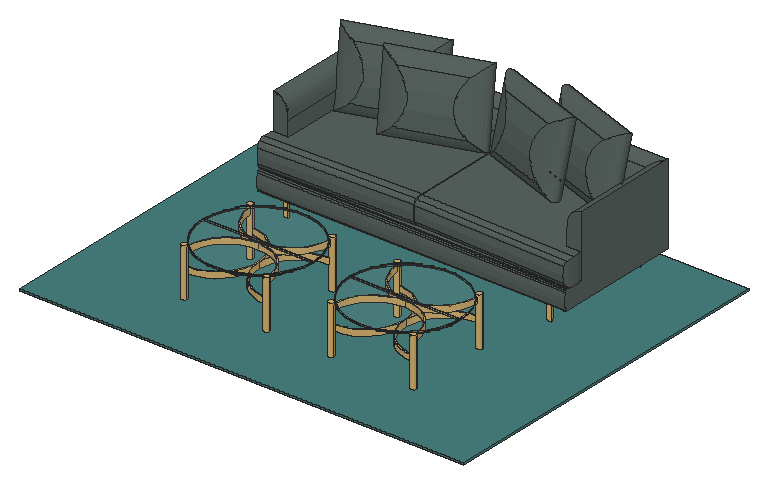
Revit family "Gus-Margot_01_Layout-Teknion-R2016", category Furniture Systems, Revit 2016 (continued)
Definition of nested family "Seating-Sofa-Teknion-ECSFMARG_Margot-R2016"
  Automatic sketch dimensions
    Sweep 16 sketch curve to plane 8 "Top" = 25.39646"
    level to Sweep 16 sketch curve = 15.10615"
    Sweep 16 sketch curve to Sweep 16 sketch curve = 4.78197"
    profile plane to Sweep 16 sketch curve = 6.21035"
    profile plane to Sweep 16 sketch curve = 4.09946"
    Sweep 16 sketch curve to profile plane = 4.09946"
    Sweep 16 sketch curve to profile plane = 6.53965"
    Sweep 16 sketch curve to profile plane = 39.7283"
    Sweep 16 sketch curve to Sweep 16 sketch curve = 10.03237"
    Sweep 16 sketch curve to Sweep 16 sketch curve = 10.57652"
    Sweep 16 sketch curve to profile plane = 8.9783"
    plane 4 "Left" to Sweep 4 sketch curve = 0.16406"
    plane 5 "Right" to Sweep 4 sketch curve = 0.250"
    Masking region 1 sketch curve to plane 4 "Left" = 0.000"
    Masking region 1 sketch curve to plane 5 "Right" = 0.000"
    Masking region 1 sketch curve to plane 6 "Back" = 0.000"
    plane 4 "Left" to Masking region 1 sketch curve = 2.59155"
    plane 4 "Left" to Masking region 1 sketch curve = 3.84737"  (x2)
    Masking region 1 sketch curve to Masking region 1 sketch curve = 3.63141"  (x2)
    Masking region 1 sketch curve to plane 6 "Back" = 0.78207"  (x2)
    Masking region 1 sketch curve to Masking region 1 sketch curve = 14.04455"
    Masking region 1 sketch curve to plane 6 "Back" = 1.70678"  (x2)
    Masking region 1 sketch curve to Masking region 1 sketch curve = 4.70969"  (x3)
    Masking region 1 sketch curve to plane 6 "Back" = 5.16299"
    Masking region 1 sketch curve to Masking region 1 sketch curve = 1.20534"
    Masking region 1 sketch curve to plane 6 "Back" = 2.63681"
    Masking region 1 sketch curve to plane 3 "Center Left/Right" = 2.19037"
    Masking region 1 sketch curve to plane 3 "Center Left/Right" = 1.47318"
    plane 3 "Center Left/Right" to Masking region 1 sketch curve = 0.98469"
    plane 3 "Center Left/Right" to Masking region 1 sketch curve = 1.69037"
    Masking region 1 sketch curve to plane 6 "Back" = 2.63772"
    Masking region 1 sketch curve to plane 6 "Back" = 5.29381"
    Masking region 1 sketch curve to Masking region 1 sketch curve = 7.71385"
    plane 5 "Right" to Masking region 1 sketch curve = 7.47878"
    plane 5 "Right" to Masking region 1 sketch curve = 3.84737"
    plane 5 "Right" to Masking region 1 sketch curve = 2.59505"
    Masking region 1 sketch curve to plane 6 "Back" = 5.618"  (x3)
    Masking region 1 sketch curve to Masking region 1 sketch curve = 1.90664"
    Masking region 1 sketch curve to Masking region 1 sketch curve = 1.90871"
    Masking region 1 sketch curve to Masking region 1 sketch curve = 2.31928"
    Masking region 1 sketch curve to Masking region 1 sketch curve = 2.32205"
    Masking region 1 sketch curve to Masking region 1 sketch curve = 3.64788"
    Masking region 1 sketch curve to Masking region 1 sketch curve = 3.64718"
    Masking region 1 sketch curve to plane 7 "Front" = 5.653"  (x2)
    Masking region 1 sketch curve to Masking region 1 sketch curve = 2.05556"
    Masking region 1 sketch curve to Masking region 1 sketch curve = 2.05648"
    plane 4 "Left" to Masking region 2 sketch curve = 2.59505"
    Masking region 2 sketch curve to Masking region 2 sketch curve = 3.14197"  (x2)
    Masking region 2 sketch curve to Masking region 2 sketch curve = 5.12287"
    Masking region 2 sketch curve to plane 6 "Back" = 0.78207"  (x2)
    Masking region 2 sketch curve to Masking region 2 sketch curve = 15.78631"
    Masking region 2 sketch curve to plane 6 "Back" = 6.535"  (x2)
    Masking region 2 sketch curve to Masking region 2 sketch curve = 1.98089"
    Masking region 2 sketch curve to plane 6 "Back" = 1.70678"  (x2)
    Masking region 2 sketch curve to Masking region 2 sketch curve = 4.70969"  (x2)
    plane 3 "Center Left/Right" to Masking region 2 sketch curve = 15.34901"
    Masking region 2 sketch curve to Masking region 2 sketch curve = 2.72879"
    plane 5 "Right" to Masking region 2 sketch curve = 7.71792"
    plane 5 "Right" to Masking region 2 sketch curve = 2.59505"
    Masking region 2 sketch curve to plane 1 "Center Front/Back" = 7.60188"  (x2)
    Masking region 2 sketch curve to plane 1 "Center Front/Back" = 5.47721"  (x2)
    Masking region 2 sketch curve to Masking region 2 sketch curve = 3.62825"  (x2)
    Masking region 3 sketch curve to plane 3 "Center Left/Right" = 2.19037"
    Masking region 3 sketch curve to plane 6 "Back" = 3.56152"
    Masking region 3 sketch curve to plane 3 "Center Left/Right" = 4.91916"
    Masking region 3 sketch curve to plane 6 "Back" = 2.63681"
    Masking region 3 sketch curve to Masking region 3 sketch curve = 4.70969"  (x2)
    Masking region 3 sketch curve to Masking region 3 sketch curve = 4.82822"  (x2)
    Masking region 3 sketch curve to plane 1 "Center Front/Back" = 3.62247"
    Masking region 3 sketch curve to Masking region 3 sketch curve = 15.78631"  (x2)
    Masking region 3 sketch curve to plane 1 "Center Front/Back" = 5.74715"
    Masking region 3 sketch curve to Masking region 3 sketch curve = 5.12287"  (x2)
    Masking region 3 sketch curve to plane 6 "Back" = 8.07247"
    Masking region 3 sketch curve to Masking region 3 sketch curve = 3.14197"  (x2)
    plane 3 "Center Left/Right" to Masking region 3 sketch curve = 1.69037"
    Masking region 3 sketch curve to plane 6 "Back" = 3.56243"
    plane 3 "Center Left/Right" to Masking region 3 sketch curve = 4.41916"
    Masking region 3 sketch curve to plane 1 "Center Front/Back" = 3.62156"
    Masking region 3 sketch curve to plane 1 "Center Front/Back" = 5.74623"
    Masking region 3 sketch curve to plane 6 "Back" = 8.07338"
    Masking region 3 sketch curve to plane 6 "Back" = 2.63772"
    plane 4 "Left" to Masking region 4 sketch curve = 2.59068"
    Masking region 4 sketch curve to Masking region 4 sketch curve = 5.12723"
    Masking region 4 sketch curve to plane 1 "Center Front/Back" = 2.72503"  (x2)
    Masking region 4 sketch curve to Masking region 4 sketch curve = 0.94765"  (x2)
    Masking region 4 sketch curve to plane 1 "Center Front/Back" = 5.74715"
    Masking region 4 sketch curve to Masking region 4 sketch curve = 7.08813"
    Masking region 4 sketch curve to plane 1 "Center Front/Back" = 5.2273"
    Masking region 4 sketch curve to plane 6 "Back" = 8.18805"
    Masking region 4 sketch curve to Masking region 4 sketch curve = 2.9497"
    Masking region 4 sketch curve to plane 6 "Back" = 6.46251"
    Masking region 4 sketch curve to Masking region 4 sketch curve = 4.86793"
    Masking region 4 sketch curve to plane 6 "Back" = 1.70678"  (x2)
    Masking region 4 sketch curve to Masking region 4 sketch curve = 2.66168"
    Masking region 4 sketch curve to plane 6 "Back" = 5.13442"
    Masking region 4 sketch curve to Masking region 4 sketch curve = 1.19537"
    Masking region 4 sketch curve to plane 6 "Back" = 5.29381"
    plane 3 "Center Left/Right" to Masking region 4 sketch curve = 14.1139"
    Masking region 4 sketch curve to Masking region 4 sketch curve = 1.23511"
    Masking region 4 sketch curve to plane 6 "Back" = 6.535"
    Masking region 4 sketch curve to Masking region 4 sketch curve = 3.96391"
    Masking region 4 sketch curve to plane 6 "Back" = 8.07338"
    Masking region 4 sketch curve to plane 1 "Center Front/Back" = 5.38112"
    Masking region 4 sketch curve to Masking region 4 sketch curve = 3.01626"
    Masking region 4 sketch curve to plane 1 "Center Front/Back" = 5.74623"
    Masking region 4 sketch curve to Masking region 4 sketch curve = 0.12572"
    plane 5 "Right" to Masking region 4 sketch curve = 3.95588"
    plane 5 "Right" to Masking region 4 sketch curve = 2.59505"
    Masking region 4 sketch curve to plane 1 "Center Front/Back" = 3.64974"  (x2)
    Masking region 4 sketch curve to Masking region 4 sketch curve = 2.75218"  (x2)
    Masking region 4 sketch curve to Masking region 4 sketch curve = 3.95214"
    Masking region 4 sketch curve to Masking region 4 sketch curve = 2.12648"
    plane 4 "Left" to Masking region 4 sketch curve = 3.95588"
    Masking region 5 sketch curve to plane 1 "Center Front/Back" = 5.74715"
    plane 4 "Left" to Masking region 5 sketch curve = 15.7537"
    Masking region 5 sketch curve to plane 1 "Center Front/Back" = 1.795"
    Masking region 5 sketch curve to Masking region 5 sketch curve = 1.36083"  (x2)
    Masking region 5 sketch curve to plane 1 "Center Front/Back" = 3.62247"
    Masking region 5 sketch curve to Masking region 5 sketch curve = 3.76203"  (x2)
    Masking region 5 sketch curve to plane 1 "Center Front/Back" = 0.87029"
    Masking region 5 sketch curve to Masking region 5 sketch curve = 0.94765"  (x4)
    Masking region 5 sketch curve to plane 3 "Center Left/Right" = 4.91916"
    Masking region 5 sketch curve to plane 3 "Center Left/Right" = 2.19037"
    Masking region 5 sketch curve to plane 3 "Center Left/Right" = 0.82954"
    plane 3 "Center Left/Right" to Masking region 5 sketch curve = 0.32954"
    plane 3 "Center Left/Right" to Masking region 5 sketch curve = 1.69037"
    plane 3 "Center Left/Right" to Masking region 5 sketch curve = 3.47151"
    Masking region 5 sketch curve to plane 1 "Center Front/Back" = 0.86938"
    Masking region 5 sketch curve to Masking region 5 sketch curve = 15.78631"
    Masking region 5 sketch curve to plane 1 "Center Front/Back" = 3.62156"
    Masking region 5 sketch curve to plane 1 "Center Front/Back" = 6.30504"
    Masking region 5 sketch curve to plane 1 "Center Front/Back" = 6.30595"
    Masking region 5 sketch curve to Masking region 5 sketch curve = 2.75218"  (x2)
    Masking region 5 sketch curve to Masking region 5 sketch curve = 0.87607"
    Masking region 5 sketch curve to Masking region 5 sketch curve = 0.00092"
    Masking region 5 sketch curve to plane 6 "Back" = 3.56243"
    Masking region 5 sketch curve to plane 6 "Back" = 3.56152"
    Masking region 5 sketch curve to plane 1 "Center Front/Back" = 1.79409"
    Masking region 5 sketch curve to plane 1 "Center Front/Back" = 5.74623"
    plane 4 "Left" to Masking region 6 sketch curve = 0.00315"
    plane 7 "Front" to Masking region 6 sketch curve = 0.000"  (x2)
    Masking region 6 sketch curve to plane 9 = 0.000"
    plane 9 to Masking region 6 sketch curve = 0.000"
    Masking region 6 sketch curve to plane 10 = 0.000"  (x2)
    plane 4 "Left" to Masking region 6 sketch curve = 3.84737"  (x2)
    Masking region 6 sketch curve to Masking region 6 sketch curve = 0.10851"
    Masking region 6 sketch curve to Masking region 6 sketch curve = 1.88965"  (x2)
    Masking region 6 sketch curve to Masking region 6 sketch curve = 3.28056"
    Masking region 6 sketch curve to Masking region 6 sketch curve = 1.74176"  (x2)
    Masking region 6 sketch curve to plane 1 "Center Front/Back" = 2.72503"  (x2)
    Masking region 6 sketch curve to Masking region 6 sketch curve = 4.70969"  (x3)
    Masking region 6 sketch curve to plane 1 "Center Front/Back" = 5.2273"
    Masking region 6 sketch curve to Masking region 6 sketch curve = 7.26713"
    Masking region 6 sketch curve to plane 1 "Center Front/Back" = 1.795"
    Masking region 6 sketch curve to plane 1 "Center Front/Back" = 0.87029"
    Masking region 6 sketch curve to plane 3 "Center Left/Right" = 3.97151"
    Masking region 6 sketch curve to plane 3 "Center Left/Right" = 1.43109"
    Masking region 6 sketch curve to plane 3 "Center Left/Right" = 0.82954"
    Masking region 6 sketch curve to plane 3 "Center Left/Right" = 0.23616"
    plane 3 "Center Left/Right" to Masking region 6 sketch curve = 0.00541"
    plane 3 "Center Left/Right" to Masking region 6 sketch curve = 0.32954"
    Masking region 6 sketch curve to Masking region 6 sketch curve = 0.926"
    plane 3 "Center Left/Right" to Masking region 6 sketch curve = 3.47151"
    Masking region 6 sketch curve to plane 1 "Center Front/Back" = 0.86938"
    Masking region 6 sketch curve to Masking region 6 sketch curve = 15.78631"
    Masking region 6 sketch curve to plane 1 "Center Front/Back" = 1.79409"
    Masking region 6 sketch curve to plane 1 "Center Front/Back" = 5.38112"
    Masking region 6 sketch curve to Masking region 6 sketch curve = 1.23511"
    plane 5 "Right" to Masking region 6 sketch curve = 7.47878"
    Masking region 6 sketch curve to plane 7 "Front" = 3.08756"  (x2)
    plane 5 "Right" to Masking region 6 sketch curve = 7.35869"
    plane 5 "Right" to Masking region 6 sketch curve = 3.95588"
    plane 5 "Right" to Masking region 6 sketch curve = 3.84737"
    plane 5 "Right" to Masking region 6 sketch curve = 0.23391"
    Masking region 6 sketch curve to plane 1 "Center Front/Back" = 3.64974"  (x2)
    Masking region 6 sketch curve to Masking region 6 sketch curve = 0.31427"
    Masking region 6 sketch curve to Masking region 6 sketch curve = 0.31514"
    Masking region 6 sketch curve to plane 1 "Center Front/Back" = 6.30504"
    Masking region 6 sketch curve to plane 1 "Center Front/Back" = 6.30595"
    Masking region 6 sketch curve to Masking region 6 sketch curve = 5.95629"
    Masking region 6 sketch curve to Masking region 6 sketch curve = 5.95922"
    Masking region 6 sketch curve to Masking region 6 sketch curve = 3.62825"
    Masking region 6 sketch curve to Masking region 6 sketch curve = 0.00092"
    Masking region 6 sketch curve to Masking region 6 sketch curve = 1.30691"
    Masking region 6 sketch curve to Masking region 6 sketch curve = 1.30897"
    Masking region 6 sketch curve to Masking region 6 sketch curve = 1.74797"
    Masking region 6 sketch curve to Masking region 6 sketch curve = 0.000"
    Masking region 6 sketch curve to Masking region 6 sketch curve = 1.90871"
    Masking region 6 sketch curve to Masking region 6 sketch curve = 0.59974"
    Masking region 7 sketch curve to plane 9 = 0.000"
    plane 9 to Masking region 7 sketch curve = 0.000"
    Masking region 7 sketch curve to plane 10 = 0.000"  (x2)
    Masking region 7 sketch curve to plane 3 "Center Left/Right" = 0.23616"
    Masking region 7 sketch curve to plane 6 "Back" = 5.76661"
    plane 3 "Center Left/Right" to Masking region 7 sketch curve = 0.00541"
    Masking region 7 sketch curve to Masking region 7 sketch curve = 0.000"
    Masking region 7 sketch curve to Masking region 7 sketch curve = 0.926"
    Masking region 7 sketch curve to Masking region 7 sketch curve = 1.2461"
    Masking region 7 sketch curve to Masking region 7 sketch curve = 0.05117"  (x2)
    Masking region 7 sketch curve to Masking region 7 sketch curve = 0.14861"
    plane 7 "Front" to Masking region 7 sketch curve = 0.000"
    curve 1 to plane 4 "Left" = 0.000"
    curve 2 to plane 5 "Right" = 0.000"
    curve 2 to plane 5 "Right" = 0.00446"
    curve 2 to plane 7 "Front" = 4.85619"
    plane 4 "Left" to curve 6 = 3.84737"
    curve 6 to curve 5 = 3.63141"
    curve 5 to plane 3 "Center Left/Right" = 1.47318"
    plane 3 "Center Left/Right" to curve 4 = 0.98258"
    plane 5 "Right" to curve 4 = 7.47878"
    plane 5 "Right" to curve 3 = 3.84737"
    curve 2 to plane 7 "Front" = 1.28799"
    curve 1 to plane 7 "Front" = 0.5309"
    curve 1 to curve 1 = 5.11333"
    curve 6 to plane 1 "Center Front/Back" = 3.96401"
    curve 3 to plane 1 "Center Front/Back" = 3.96488"
    curve 3 to curve 3 = 5.95629"
    curve 6 to curve 6 = 5.95922"
    curve 6 to curve 5 = 1.90664"
    curve 3 to curve 4 = 1.90871"
    curve 7 to plane 6 "Back" = 0.000"
    plane 4 "Left" to curve 7 = 0.16406"
    curve 8 to plane 6 "Back" = 0.77101"
    plane 4 "Left" to curve 8 = 2.98256"
    curve 8 to plane 6 "Back" = 3.33965"
    curve 9 to curve 9 = 0.86482"
    curve 9 to curve 9 = 1.50086"
    curve 10 to curve 10 = 0.77748"
    curve 11 to plane 6 "Back" = 0.000"
    plane 5 "Right" to curve 11 = 0.250"
    curve 11 to curve 11 = 0.90716"
    plane 5 "Right" to curve 12 = 2.98256"
    curve 12 to plane 6 "Back" = 3.33965"
    curve 13 to curve 13 = 0.86482"
    curve 13 to curve 13 = 1.50086"
    curve 14 to curve 14 = 0.77748"
    curve 16 to plane 7 "Front" = 2.5675"
    plane 4 "Left" to curve 16 = 5.80615"
    curve 15 to curve 15 = 0.750"
    curve 8 to curve 18 = 2.83141"
    curve 17 to plane 6 "Back" = 2.19918"
    curve 18 to curve 17 = 0.750"
    curve 20 to curve 12 = 3.11266"
    curve 20 to plane 6 "Back" = 2.21481"
    curve 19 to curve 19 = 0.750"
    curve 22 to plane 7 "Front" = 2.55188"
    plane 5 "Right" to curve 22 = 6.11084"
    curve 21 to curve 21 = 0.750"
    curve 21 to curve 23 = 0.00623"
    curve 21 to curve 23 = 0.000"
    curve 23 to curve 21 = 0.54377"
    curve 19 to curve 25 = 0.00623"
    curve 19 to curve 26 = 0.00098"
    curve 26 to curve 19 = 0.54377"
    curve 28 to curve 17 = 0.00623"
    curve 27 to curve 17 = 0.00293"
    curve 27 to curve 27 = 0.550"
    curve 15 to curve 29 = 0.00158"
    curve 15 to curve 30 = 0.000"
    curve 29 to curve 15 = 0.54842"
    radius of Sweep 1 sketch curve = 0.550"  (x4)
    radius of Sweep 2 sketch curve = 0.750"  (x4)
Definition of nested family "Rug-Teknion-ECRGGRAD_Gradient-R2016"
  Parameters (values of type "Boreal 5x8")
    Width = 96.000"
    Warranty = "https://d2r72yk5wmppdj.cloudfront.net/m/03d6e2ec3734b7d8/original/Gus-Limited-Warranty.pdf"
    URL = "http://www.teknion.com/ca/products/landing-pages/gus-modern"
    Series = "Gus* Modern"  # constant formula
    Rug Finish = none
    Product Page URL = "http://www.teknion.com/ca/products/landing-pages/gus-modern"
    Product Line = "Gradient"  # constant formula
    Part Number = "ECRGGRAD"  # constant formula
    Model = "ECRGGRAD-boreal-58"
    Manufacturer Phone = "416.534.0773 x37"  # constant formula
    Manufacturer Fax = "416.534.2452"  # constant formula
    Manufacturer Contact Information = "Teknion@gusdesigngroup.com"
    Manufacturer Address = "223 Evans Avenue. Toronto, Ontario. Canada. M8Z 1J5"  # constant formula
    Manufacturer = "Gus* Modern"  # constant formula
    Description = "Gradient Rug, Boreal 5x8"
    Depth = 60.000"
    Assembly Code = "E2020200"
  Types (5): name | Width | Model | Description | Depth
    (no name) | 96.000" | "ECRGGRAD-boreal-58" | "Gradient Rug, Boreal 5x8" | 60.000"
    Boreal 5x8 | 96.000" | "ECRGGRAD-boreal-58" | "Gradient Rug, Boreal 5x8" | 60.000"
    Boreal 8x10 | 120.000" | "ECRGGRAD-boreal-810" | "Gradient Rug, Boreal 8x10" | 96.000"
    Ember 5x8 | 96.000" | "ECRGGRAD-emberx-58" | "Gradient Rug, Ember 5x8" | 60.000"
    Ember 8x10 | 120.000" | "ECRGGRAD-emberx-810" | "Gradient Rug, Ember 8x10" | 96.000"
  Reference planes (in)
    plane 1: z = 0
    plane 2 "Left": x = -31.43307
    plane 3 "Right": x = 28.56693
    plane 4 "Back": y = 41.71654
    plane 5 "Front": y = -54.28346
    plane 6 "Top": z = 0.43307
    plane 7 "Top of Feet": z = 0.11811
    plane 8: x = -1.43307
    plane 9: y = -6.28346
  Forms (in)
    Sweep 1, solid, material <- "Rug Finish"
      path origin (0, -54.28346, 0) x (-1, 0, 0) y (0, 0, 1)
        loop
          line (1.43307, 0.43307) -> (1.43307, 0)
      profile origin (-1.43307, -54.28346, 0.21654) x (0, -1, 0) y (1, 0, 0)
        loop
          line (-96, -30) -> (0, -30) -> (0, 30) -> (-96, 30) -> (-96, -30)
  Lines and regions (in)
    Masking region 1
      outline origin (0, 0, 0) x (1, 0, 0) y (0, 1, 0)
        loop
          line (-31.43307, 41.71654) -> (-31.43307, -54.28346) -> (28.56693, -54.28346) -> (28.56693, 41.71654) -> (-31.43307, 41.71654)
  Dimensions and locks (in)
    "Depth": plane 2 "Left" to plane 3 "Right"
    "Width": plane 4 "Back" to plane 5 "Front"
    plane 6 "Top" to level = 0.43307"
    equal spacing: plane 4 "Back", plane 9, plane 5 "Front"
    equal spacing: plane 2 "Left", plane 8, plane 3 "Right"
    aligned and locked: level to plane 1
    aligned and locked: Sweep 1 sketch curve to plane 4 "Back"
    aligned and locked: Sweep 1 sketch curve to plane 2 "Left"
    aligned and locked: Sweep 1 sketch curve to plane 3 "Right"
    aligned and locked: plane 5 "Front" to Sweep 1 sketch curve
    aligned and locked: Masking region 1 sketch curve to plane 4 "Back"
    aligned and locked: Masking region 1 sketch curve to plane 3 "Right"
    aligned and locked: plane 5 "Front" to Masking region 1 sketch curve
    aligned and locked: Masking region 1 sketch curve to plane 2 "Left"
    aligned and locked: plane 6 "Top" to Sweep 1 sketch curve
    aligned and locked: plane 1 to Sweep 1 sketch curve
  Automatic sketch dimensions
    Sweep 1 sketch curve to plane 8 = 0.000"
Definition of nested family "Table-Teknion-ECCTCOMP_Compass-R2016"
  Parameters (values of type "Champagne")
    Warranty = "https://d2r72yk5wmppdj.cloudfront.net/m/03d6e2ec3734b7d8/original/Gus-Limited-Warranty.pdf"
    URL = "http://www.teknion.com/ca/products/landing-pages/gus-modern"
    Table Top Finish = none
    Table Frame Finish = none
    Series = "Gus Modern"  # constant formula
    Product Page URL = "http://www.teknion.com/ca/products/landing-pages/gus-modern"
    Product Line = "Compass"  # constant formula
    Part Number = "ECCTCOMP"  # constant formula
    Model = "ECCTCOMP-CHAMPA-30"
    Manufacturer Phone = "416.534.0773 x37"  # constant formula
    Manufacturer Fax = "416.534.2452"  # constant formula
    Manufacturer Contact Information = "Teknion@gusdesigngroup.com"
    Manufacturer Address = "223 Evans Avenue. Toronto, Ontario. Canada. M8Z 1J5"  # constant formula
    Manufacturer = "Gus* Modern"  # constant formula
    Description = "Compass Glass Coffee Table 30\" Champagne"
    Assembly Code = "E2020200"
  Reference planes (in)
    plane 1 "Center Front/Back": y = 0
    plane 2: z = 0
    plane 3 "Center Left/Right": x = 0
    plane 4 "Left": x = -15
    plane 5 "Right": x = 15
    plane 6 "Back": y = 15
    plane 7 "Front": y = -15
    plane 8 "Top": z = 63
    plane 9 "a": y = 11.13804
    plane 10: y = -11.13804
    plane 11: x = -11.13633
    plane 12: x = 11.13633
  Forms (in)
    Sweep 1, solid, material <- "Table Frame Finish"
      path origin (0, 0, 0) x (1, 0, 0) y (0, 0, 1)
        loop
          line (0, 0.38714) -> (0, 13.38588)
      profile origin (0, 0, 6.88651) x (-1, 0, 0) y (0, -1, 0)
        loop
          circle (11.13633, -11.13804) r 0.75
        loop
          circle (11.13633, 11.13804) r 0.75
        loop
          circle (-11.13633, -11.13804) r 0.75
        loop
          circle (-11.13633, 11.13804) r 0.75
    Sweep 2, solid, material <- "Table Frame Finish"
      path origin (0, 0, 0) x (1, 0, 0) y (0, 0, 1)
        loop
          line (0, 6.43234) -> (0, 8.00714)
      profile origin (0, 0, 7.21974) x (-1, 0, 0) y (0, -1, 0)
        loop
          arc (10.40244, -10.98346) -> (10.43294, -10.87777) -> (10.47858, -10.77768) r 0.75
          arc (10.47858, -10.77768) -> (3.18774, -7.44336) -> (0.20941, 0) r 10.79027
          arc (0.20941, 0) -> (3.18774, 7.44336) -> (10.47858, 10.77768) r 10.79027
          arc (10.47858, 10.77768) -> (10.43294, 10.87777) -> (10.40244, 10.98346) r 0.75
          arc (10.40244, 10.98346) -> (3.01336, 7.56385) -> (0, 0) r 10.99968
          arc (0, 0) -> (3.01336, -7.56385) -> (10.40244, -10.98346) r 10.99968
    Sweep 3, solid, material <- "Table Frame Finish"
      path origin (0, 0, 0) x (-1, 0, 0) y (0, 0, 1)
        loop
          line (0, 6.43234) -> (0, 8.00714)
      profile origin (0, 0, 7.21974) x (-1, 0, 0) y (0, -1, 0)
        loop
          arc (-10.40244, -10.98346) -> (-3.01336, -7.56385) -> (0, 0) r 10.99968
          arc (0, 0) -> (-3.01336, 7.56385) -> (-10.40244, 10.98346) r 10.99968
          arc (-10.40244, 10.98346) -> (-10.43294, 10.87777) -> (-10.47858, 10.77768) r 0.75
          arc (-10.47858, 10.77768) -> (-3.18774, 7.44336) -> (-0.20941, 0) r 10.79027
          arc (-0.20941, 0) -> (-3.18774, -7.44336) -> (-10.47858, -10.77768) r 10.79027
          arc (-10.47858, -10.77768) -> (-10.43294, -10.87777) -> (-10.40244, -10.98346) r 0.75
    Sweep 4, solid, material <- "Table Frame Finish"
      path origin (0, 0, 0) x (1, 0, 0) y (0, 0, 1)
        loop
          line (0, 11.18234) -> (0, 12.75714)
      profile origin (0, 0, 11.96974) x (-1, 0, 0) y (0, -1, 0)
        loop
          arc (-10.98346, -10.40244) -> (-10.87777, -10.43294) -> (-10.77768, -10.47858) r 0.75
          arc (-10.77768, -10.47858) -> (-7.44336, -3.18774) -> (0, -0.20941) r 10.79027
          arc (0, -0.20941) -> (7.44336, -3.18774) -> (10.77768, -10.47858) r 10.79027
          arc (10.77768, -10.47858) -> (10.87777, -10.43294) -> (10.98346, -10.40244) r 0.75
          arc (10.98346, -10.40244) -> (7.56385, -3.01336) -> (0, 0) r 10.99968
          arc (0, 0) -> (-7.56385, -3.01336) -> (-10.98346, -10.40244) r 10.99968
    Sweep 5, solid, material <- "Table Frame Finish"
      path origin (0, 0, 0) x (-1, 0, 0) y (0, 0, 1)
        loop
          line (0, 11.18234) -> (0, 12.75714)
      profile origin (0, 0, 11.96974) x (1, 0, 0) y (0, 1, 0)
        loop
          arc (-10.98346, -10.40244) -> (-10.87777, -10.43294) -> (-10.77768, -10.47858) r 0.75
          arc (-10.77768, -10.47858) -> (-7.44336, -3.18774) -> (0, -0.20941) r 10.79027
          arc (0, -0.20941) -> (7.44336, -3.18774) -> (10.77768, -10.47858) r 10.79027
          arc (10.77768, -10.47858) -> (10.87777, -10.43294) -> (10.98346, -10.40244) r 0.75
          arc (10.98346, -10.40244) -> (7.56385, -3.01336) -> (0, 0) r 10.99968
          arc (0, 0) -> (-7.56385, -3.01336) -> (-10.98346, -10.40244) r 10.99968
    Revolve 6, solid, material <- "Table Top Finish"
      sketch origin (0, 0, 0) x (1, 0, 0) y (0, 0, 1)
        loop
          line (0, 13.38588) -> (-14.8278, 13.38588)
          spline (-14.8278, 13.38588) -> (-14.85556, 13.38258) -> (-14.8809, 13.37796) -> (-14.90382, 13.37202) -> (-14.92434, 13.36474) -> (-14.94244, 13.35615) -> (-14.95813, 13.34622) -> (-14.9714, 13.33497) -> (-14.98226, 13.3224) -> (-14.99071, 13.3085) -> (-14.99674, 13.29327) -> (-15.00036, 13.27672) -> (-15.00157, 13.25884)
          line (-15.00157, 13.25884) -> (-15.00157, 13.04584)
          spline (-15.00157, 13.04584) -> (-15.00033, 13.02755) -> (-14.99663, 13.01062) -> (-14.99046, 12.99504) -> (-14.98181, 12.98082) -> (-14.9707, 12.96796) -> (-14.95712, 12.95645) -> (-14.94107, 12.9463) -> (-14.92256, 12.9375) -> (-14.90157, 12.93006) -> (-14.87811, 12.92398) -> (-14.85219, 12.91925) -> (-14.82379, 12.91588)
          line (-14.82379, 12.91588) -> (0, 12.91588) -> (0, 13.38588)
        axis (0, 12.91588) -> (0, 13.38588)
      angle from 0 to 360
    Revolve 7, solid, material <- "Table Frame Finish"
      sketch origin (0, 11.13804, 0) x (-1, 0, 0) y (0, 0, 1)
        loop
          line (11.13633, 0) -> (11.73457, 0) -> (11.76467, 0.0301) -> (11.76467, 0.17496) -> (11.53341, 0.40622) -> (11.49604, 0.55612) -> (11.45655, 0.59561) -> (11.13633, 0.59561) -> (11.13633, 0)
        axis (11.13633, 0) -> (11.13633, 0.59561)
      angle from 0 to 360
    Revolve 8, solid, material <- "Table Frame Finish"
      sketch origin (0, -11.13804, 0) x (-1, 0, 0) y (0, 0, -1)
        loop
          line (11.13633, 0) -> (11.13633, -0.59561) -> (11.45655, -0.59561) -> (11.49604, -0.55612) -> (11.53341, -0.40622) -> (11.76467, -0.17496) -> (11.76467, -0.0301) -> (11.73457, 0) -> (11.13633, 0)
        axis (11.13633, 0) -> (11.13633, -0.59561)
      angle from 0 to 360
    Revolve 9, solid, material <- "Table Frame Finish"
      sketch origin (0, -11.13804, 0) x (1, 0, 0) y (0, 0, 1)
        loop
          line (11.13633, 0) -> (11.73457, 0) -> (11.76467, 0.0301) -> (11.76467, 0.17496) -> (11.53341, 0.40622) -> (11.49604, 0.55612) -> (11.45655, 0.59561) -> (11.13633, 0.59561) -> (11.13633, 0)
        axis (11.13633, 0) -> (11.13633, 0.59561)
      angle from 0 to 360
    Revolve 10, solid, material <- "Table Frame Finish"
      sketch origin (0, 11.13804, 0) x (1, 0, 0) y (0, 0, -1)
        loop
          line (11.13633, 0) -> (11.13633, -0.59561) -> (11.45655, -0.59561) -> (11.49604, -0.55612) -> (11.53341, -0.40622) -> (11.76467, -0.17496) -> (11.76467, -0.0301) -> (11.73457, 0) -> (11.13633, 0)
        axis (11.13633, 0) -> (11.13633, -0.59561)
      angle from 0 to 360
  Cuts and joins
    joined: Sweep 1, Sweep 2, Sweep 3, Revolve 7, Revolve 8, Revolve 9, Revolve 10
    joined: Sweep 4, Sweep 5
  Lines and regions (in)
    Masking region 1
      outline origin (0, 0, 0) x (1, 0, 0) y (0, 1, 0)
        loop
          circle (0, 0) r 14.8278
    Masking region 2
      outline origin (0, 0, 0) x (1, 0, 0) y (0, 1, 0)
        loop
          circle (0, 0) r 14.8278
        loop
          circle (0, 0) r 15
    Masking region 3
      outline origin (0, 0, 0) x (1, 0, 0) y (0, 1, 0)
        loop
          circle (-11.13633, 11.13804) r 0.75
        loop
          circle (11.13633, 11.13804) r 0.75
        loop
          circle (11.13633, -11.13804) r 0.75
        loop
          circle (-11.13633, -11.13804) r 0.75
    Masking region 4
      outline origin (0, 0, 0) x (1, 0, 0) y (0, 1, 0)
        loop
          arc (10.21305, 10.97152) -> (10.31708, 10.8736) -> (10.42017, 10.7747) r 15
          arc (10.42017, 10.7747) -> (10.44937, 10.77623) -> (10.47858, 10.77768) r 10.79027
          arc (10.47858, 10.77768) -> (10.43294, 10.87777) -> (10.40244, 10.98346) r 0.75
          arc (10.40244, 10.98346) -> (10.30772, 10.9779) -> (10.21305, 10.97152) r 10.99968
        loop
          arc (10.98353, 10.40377) -> (10.87785, 10.43399) -> (10.77772, 10.47933) r 0.75
          arc (10.77772, 10.47933) -> (10.77615, 10.4479) -> (10.7745, 10.41647) r 10.79027
          arc (10.7745, 10.41647) -> (10.87337, 10.31341) -> (10.97126, 10.20942) r 15
          arc (10.97126, 10.20942) -> (10.97782, 10.30657) -> (10.98353, 10.40377) r 10.99968
        loop
          arc (-10.20942, 10.97126) -> (-10.3059, 10.97778) -> (-10.40244, 10.98346) r 10.99968
          arc (-10.40244, 10.98346) -> (-10.43294, 10.87777) -> (-10.47858, 10.77768) r 0.75
          arc (-10.47858, 10.77768) -> (-10.44752, 10.77614) -> (-10.41647, 10.7745) r 10.79027
          arc (-10.41647, 10.7745) -> (-10.31341, 10.87337) -> (-10.20942, 10.97126) r 15
        loop
          arc (-10.98353, 10.40377) -> (-10.97782, 10.30657) -> (-10.97126, 10.20942) r 10.99968
          arc (-10.97126, 10.20942) -> (-10.87337, 10.31341) -> (-10.7745, 10.41647) r 15
          arc (-10.7745, 10.41647) -> (-10.77615, 10.4479) -> (-10.77772, 10.47933) r 10.79027
          arc (-10.77772, 10.47933) -> (-10.87785, 10.43399) -> (-10.98353, 10.40377) r 0.75
        loop
          arc (-10.98353, -10.40377) -> (-10.87785, -10.43399) -> (-10.77772, -10.47933) r 0.75
          arc (-10.77772, -10.47933) -> (-10.77625, -10.44975) -> (-10.7747, -10.42017) r 10.79027
          arc (-10.7747, -10.42017) -> (-10.8736, -10.31708) -> (-10.97152, -10.21305) r 15
          arc (-10.97152, -10.21305) -> (-10.97794, -10.30838) -> (-10.98353, -10.40377) r 10.99968
        loop
          arc (10.40244, -10.98346) -> (10.43294, -10.87777) -> (10.47858, -10.77768) r 0.75
          arc (10.47858, -10.77768) -> (10.44937, -10.77623) -> (10.42017, -10.7747) r 10.79027
          arc (10.42017, -10.7747) -> (10.31708, -10.8736) -> (10.21305, -10.97152) r 15
          arc (10.21305, -10.97152) -> (10.30772, -10.9779) -> (10.40244, -10.98346) r 10.99968
        loop
          arc (10.97144, -10.21197) -> (10.87355, -10.31629) -> (10.77467, -10.41967) r 15
          arc (10.77467, -10.41967) -> (10.77624, -10.4495) -> (10.77772, -10.47933) r 10.79027
          arc (10.77772, -10.47933) -> (10.87785, -10.43399) -> (10.98353, -10.40377) r 0.75
          arc (10.98353, -10.40377) -> (10.97791, -10.30784) -> (10.97144, -10.21197) r 10.99968
        loop
          arc (-10.21305, -10.97152) -> (-10.31708, -10.8736) -> (-10.42017, -10.7747) r 15
          arc (-10.42017, -10.7747) -> (-10.44937, -10.77623) -> (-10.47858, -10.77768) r 10.79027
          arc (-10.47858, -10.77768) -> (-10.43294, -10.87777) -> (-10.40244, -10.98346) r 0.75
          arc (-10.40244, -10.98346) -> (-10.30772, -10.9779) -> (-10.21305, -10.97152) r 10.99968
    symbolic lines, detail levels medium+fine
      curve 1: arc (0, 0, 0) -> (-7.56134, 3.01099, 0) -> (-10.98308, 10.39554, 0) r 10.99968
      curve 2: arc (-10.77908, 10.50843, 0) -> (-7.45489, 3.19875, 0) -> (-0.00199, 0.20941, 0) r 10.79027
      curve 3: arc (-0.20941, 0, 0) -> (-3.18774, 7.44336, 0) -> (-10.47858, 10.77768, 0) r 10.79027
      curve 4: arc (-10.39757, 10.98319, 0) -> (-3.01169, 7.56208, 0) -> (0, 0, 0) r 10.99968
      curve 5: arc (0, 0, 0) -> (3.01129, 7.56165, 0) -> (10.3964, 10.98313, 0) r 10.99968
      curve 6: arc (10.4727, 10.7774, 0) -> (3.1864, 7.44195, 0) -> (0.20941, 0.00199, 0) r 10.79027
      curve 7: arc (0, 0.20941, 0) -> (7.44336, 3.18774, 0) -> (10.77768, 10.47858, 0) r 10.79027
      curve 8: arc (10.98336, 10.40061, 0) -> (7.56318, 3.01274, 0) -> (0, 0, 0) r 10.99968
      curve 9: arc (0, 0, 0) -> (7.56142, -3.01106, 0) -> (10.98309, -10.39575, 0) r 10.99968
      curve 10: arc (10.77934, -10.51415, 0) -> (7.45696, -3.20073, 0) -> (0.00199, -0.20941, 0) r 10.79027
      curve 11: arc (0.20941, 0, 0) -> (3.18774, -7.44336, 0) -> (10.47858, -10.77768, 0) r 10.79027
      curve 12: arc (10.40589, -10.98364, 0) -> (3.01455, -7.5651, 0) -> (0, 0, 0) r 10.99968
      curve 13: arc (0, 0, 0) -> (-3.01336, -7.56385, 0) -> (-10.40244, -10.98346, 0) r 10.99968
      curve 14: arc (-10.47858, -10.77768, 0) -> (-3.18774, -7.44336, 0) -> (-0.20941, 0, 0) r 10.79027
      curve 15: arc (0, -0.20941, 0) -> (-7.44336, -3.18774, 0) -> (-10.77768, -10.47858, 0) r 10.79027
      curve 16: arc (-10.98346, -10.40244, 0) -> (-7.56385, -3.01336, 0) -> (0, 0, 0) r 10.99968
    symbolic lines, detail levels fine
      curve 17: arc (-10.508, 11.13804, 0) -> (-11.13633, 11.76638, 0) -> (-11.76467, 11.13804, 0) r 0.62834
      curve 18: arc (-11.76467, 11.13804, 0) -> (-11.13633, 10.5097, 0) -> (-10.508, 11.13804, 0) r 0.62834
      curve 19: arc (-10.53809, 11.13804, 0) -> (-11.13633, 10.5398, 0) -> (-11.73457, 11.13804, 0) r 0.59824
      curve 20: arc (-11.73457, 11.13804, 0) -> (-11.13633, 11.73628, 0) -> (-10.53809, 11.13804, 0) r 0.59824
      curve 21: arc (-10.72018, 11.13804, 0) -> (-11.13633, 11.55419, 0) -> (-11.55249, 11.13804, 0) r 0.41615
      curve 22: arc (-11.55249, 11.13804, 0) -> (-11.13633, 10.72188, 0) -> (-10.72018, 11.13804, 0) r 0.41615
      curve 23: arc (10.508, 11.13804, 0) -> (11.13633, 11.76638, 0) -> (11.76467, 11.13804, 0) r 0.62834
      curve 24: arc (10.53809, 11.13804, 0) -> (11.13633, 11.73628, 0) -> (11.73457, 11.13804, 0) r 0.59824
      curve 25: arc (11.55249, 11.13804, 0) -> (11.13633, 11.55419, 0) -> (10.72018, 11.13804, 0) r 0.41615
      curve 26: arc (10.72018, 11.13804, 0) -> (11.13633, 10.72188, 0) -> (11.55249, 11.13804, 0) r 0.41615
      curve 27: arc (11.73457, 11.13804, 0) -> (11.13633, 10.5398, 0) -> (10.53809, 11.13804, 0) r 0.59824
      curve 28: arc (11.76467, 11.13804, 0) -> (11.13633, 10.5097, 0) -> (10.508, 11.13804, 0) r 0.62834
      curve 29: arc (11.76467, -11.13804, 0) -> (11.13633, -10.5097, 0) -> (10.508, -11.13804, 0) r 0.62834
      curve 30: arc (10.53809, -11.13804, 0) -> (11.13633, -10.5398, 0) -> (11.73457, -11.13804, 0) r 0.59824
      curve 31: arc (11.55249, -11.13804, 0) -> (11.13633, -10.72188, 0) -> (10.72018, -11.13804, 0) r 0.41615
      curve 32: arc (10.72018, -11.13804, 0) -> (11.13633, -11.55419, 0) -> (11.55249, -11.13804, 0) r 0.41615
      curve 33: arc (11.73457, -11.13804, 0) -> (11.13633, -11.73628, 0) -> (10.53809, -11.13804, 0) r 0.59824
      curve 34: arc (10.508, -11.13804, 0) -> (11.13633, -11.76638, 0) -> (11.76467, -11.13804, 0) r 0.62834
      curve 35: arc (-11.76467, -11.13804, 0) -> (-11.13633, -10.5097, 0) -> (-10.508, -11.13804, 0) r 0.62834
      curve 36: arc (-11.73457, -11.13804, 0) -> (-11.13633, -10.5398, 0) -> (-10.53809, -11.13804, 0) r 0.59824
      curve 37: arc (-10.72018, -11.13804, 0) -> (-11.13633, -10.72188, 0) -> (-11.55249, -11.13804, 0) r 0.41615
      curve 38: arc (-11.55249, -11.13804, 0) -> (-11.13633, -11.55419, 0) -> (-10.72018, -11.13804, 0) r 0.41615
      curve 39: arc (-10.53809, -11.13804, 0) -> (-11.13633, -11.73628, 0) -> (-11.73457, -11.13804, 0) r 0.59824
      curve 40: arc (-10.508, -11.13804, 0) -> (-11.13633, -11.76638, 0) -> (-11.76467, -11.13804, 0) r 0.62834
  Dimensions and locks (in)
    locked: plane 4 "Left" to plane 5 "Right" at 30
    locked: plane 6 "Back" to plane 7 "Front" at 30
    plane 8 "Top" to level = 63.000"
    Sweep 1 sketch curve to Sweep 1 sketch curve to level = 12.99873" locked, 0.38714" locked
    Sweep 1 sketch curve to Sweep 1 sketch curve to plane 3 "Center Left/Right" to Sweep 1 sketch curve to Sweep 1 sketch curve = 0.000" locked, 11.13633" locked, 11.13633" locked, 0.000" locked
    Sweep 1 sketch curve to Sweep 1 sketch curve to plane 1 "Center Front/Back" to Sweep 1 sketch curve to Sweep 1 sketch curve = 0.000" locked, 11.13804" locked, 11.13804" locked, 0.000" locked
    Sweep 2 sketch curve to Sweep 2 sketch curve to level = 1.5748" locked, 6.43234" locked
    locked: Sweep 3 sketch curve to Sweep 3 sketch curve at 1.5748
    Sweep 4 sketch curve to Sweep 4 sketch curve to level = 1.5748" locked, 11.18234" locked
    Sweep 5 sketch curve to Sweep 5 sketch curve to level = 1.5748" locked, 11.18234" locked
    equal spacing: plane 6 "Back", plane 1 "Center Front/Back", plane 7 "Front"
    equal spacing: plane 4 "Left", plane 3 "Center Left/Right", plane 5 "Right"
    plane 1 "Center Front/Back" to Sweep 4 sketch curve to Sweep 4 sketch curve to Sweep 4 sketch curve to Sweep 4 sketch curve to Sweep 4 sketch curve to Sweep 4 sketch curve = 0.000" locked, 0.20941" locked, 10.19302" locked, 0.000" locked, 0.07614" locked, 0.000" locked
    Sweep 4 sketch curve to Sweep 4 sketch curve to plane 3 "Center Left/Right" to Sweep 4 sketch curve to Sweep 4 sketch curve to Sweep 4 sketch curve to Sweep 4 sketch curve = 0.20578" locked, 10.77768" locked, 0.000", 0.000" locked, 10.77768" locked, 0.20578" locked
    Sweep 5 sketch curve to Sweep 5 sketch curve to plane 3 "Center Left/Right" to Sweep 5 sketch curve to Sweep 5 sketch curve to Sweep 5 sketch curve to Sweep 5 sketch curve = 0.20578" locked, 10.77768" locked, 0.000" locked, 0.000" locked, 10.77768" locked, 0.20578" locked
    Sweep 5 sketch curve to Sweep 5 sketch curve to Sweep 5 sketch curve to Sweep 5 sketch curve to Sweep 5 sketch curve to plane 1 "Center Front/Back" to Sweep 5 sketch curve = 0.000" locked, 0.07614" locked, 0.000" locked, 10.19302" locked, 0.20941" locked, 0.000" locked
    Sweep 2 sketch curve to Sweep 2 sketch curve to Sweep 2 sketch curve to Sweep 2 sketch curve to Sweep 2 sketch curve to plane 3 "Center Left/Right" to Sweep 2 sketch curve = 0.000" locked, 0.07614" locked, 0.000" locked, 10.19302" locked, 0.20941" locked, 0.000" locked
    Sweep 2 sketch curve to Sweep 2 sketch curve to plane 1 "Center Front/Back" to Sweep 2 sketch curve to Sweep 2 sketch curve to Sweep 2 sketch curve to Sweep 2 sketch curve = 0.20578" locked, 10.77768" locked, 0.000" locked, 0.000" locked, 10.77768" locked, 0.20578" locked
    Sweep 3 sketch curve to Sweep 3 sketch curve to plane 1 "Center Front/Back" to Sweep 3 sketch curve to Sweep 3 sketch curve to Sweep 3 sketch curve to Sweep 3 sketch curve = 0.20578" locked, 10.77768" locked, 0.000" locked, 0.000" locked, 10.77768" locked, 0.20578" locked
    plane 3 "Center Left/Right" to Sweep 3 sketch curve to Sweep 3 sketch curve to Sweep 3 sketch curve to Sweep 3 sketch curve to Sweep 3 sketch curve to Sweep 3 sketch curve = 0.000" locked, 0.20941" locked, 10.19302" locked, 0.000" locked, 0.07614" locked, 0.000" locked
    Revolve 7 sketch curve to Revolve 7 sketch curve to Revolve 7 sketch curve to Revolve 7 sketch curve to Revolve 7 sketch curve to plane 2 = 0.03949" locked, 0.1499" locked, 0.23126" locked, 0.14486" locked, 0.0301" locked
    plane 11 to Revolve 7 sketch curve to Revolve 7 sketch curve to Revolve 7 sketch curve to Revolve 7 sketch curve to Revolve 7 sketch curve = 0.32021" locked, 0.03949" locked, 0.03738" locked, 0.20116" locked, 0.0301" locked
    Revolve 8 sketch curve to Revolve 8 sketch curve to Revolve 8 sketch curve to Revolve 8 sketch curve to Revolve 8 sketch curve to level = 0.03949" locked, 0.1499" locked, 0.23126" locked, 0.14486" locked, 0.0301" locked
    plane 11 to Revolve 8 sketch curve to Revolve 8 sketch curve to Revolve 8 sketch curve to Revolve 8 sketch curve to Revolve 8 sketch curve = 0.32021" locked, 0.03949" locked, 0.03738" locked, 0.20116" locked, 0.0301" locked
    Revolve 10 sketch curve to Revolve 10 sketch curve to Revolve 10 sketch curve to Revolve 10 sketch curve to Revolve 10 sketch curve to level = 0.03949" locked, 0.1499" locked, 0.23126" locked, 0.14486" locked, 0.0301" locked
    Revolve 10 sketch curve to Revolve 10 sketch curve to Revolve 10 sketch curve to Revolve 10 sketch curve to Revolve 10 sketch curve to plane 12 = 0.0301" locked, 0.20116" locked, 0.03738" locked, 0.03949" locked, 0.32021" locked
    Revolve 9 sketch curve to Revolve 9 sketch curve to Revolve 9 sketch curve to Revolve 9 sketch curve to Revolve 9 sketch curve to level = 0.03949" locked, 0.1499" locked, 0.23126" locked, 0.14486" locked, 0.0301" locked
    Revolve 9 sketch curve to Revolve 9 sketch curve to Revolve 9 sketch curve to Revolve 9 sketch curve to Revolve 9 sketch curve to plane 12 = 0.0301" locked, 0.20116" locked, 0.03738" locked, 0.03949" locked, 0.32021" locked
    Revolve 6 sketch curve to Revolve 6 sketch curve to Revolve 6 sketch curve to Revolve 6 sketch curve to level = 0.12703" locked, 0.213" locked, 0.12996" locked, 12.91588" locked
    Revolve 6 sketch curve to Revolve 6 sketch curve to plane 4 "Left" to Revolve 6 sketch curve = 0.00401" locked, 0.1722" locked, 0.00157" locked
    locked: plane 9 "a" to Masking region 3 sketch curve at 0  (x2)
    locked: plane 11 to Masking region 3 sketch curve at 0  (x2)
    locked: plane 10 to Masking region 3 sketch curve at 0  (x2)
    locked: plane 12 to Masking region 3 sketch curve at 0  (x2)
    plane 3 "Center Left/Right" to Masking region 2 sketch curve to Masking region 2 sketch curve = 0.000" locked, 0.000" locked
    plane 1 "Center Front/Back" to Masking region 2 sketch curve to Masking region 2 sketch curve = 0.000" locked, 0.000" locked
    locked: plane 3 "Center Left/Right" to Masking region 1 sketch curve at 0
    locked: plane 1 "Center Front/Back" to Masking region 1 sketch curve at 0
    locked: plane 6 "Back" to plane 9 "a" at 3.86196
    locked: plane 7 "Front" to plane 10 at 3.86196
    locked: plane 4 "Left" to plane 11 at 3.86367
    locked: plane 12 to plane 5 "Right" at 3.86367
    aligned and locked: level to plane 2
    aligned and locked: plane 3 "Center Left/Right" to Sweep 1 sketch curve
    aligned and locked: plane 3 "Center Left/Right" to Sweep 2 sketch curve
    aligned and locked: plane 3 "Center Left/Right" to Sweep 4 sketch curve
    aligned and locked: Revolve 7 sketch curve to plane 11
    aligned and locked: Revolve 7 sketch curve to plane 9 "a"
    aligned and locked: level to Revolve 7 sketch curve
    aligned and locked: plane 11 to Revolve 7 sketch curve
    aligned and locked: plane 11 to Revolve 8 sketch curve  (x2)
    aligned and locked: level to Revolve 8 sketch curve
    aligned and locked: Revolve 8 sketch curve to plane 10
    aligned and locked: Revolve 10 sketch curve to level
    aligned and locked: plane 12 to Revolve 10 sketch curve  (x2)
    aligned and locked: Revolve 10 sketch curve to plane 9 "a"
    aligned and locked: plane 12 to Revolve 9 sketch curve  (x2)
    aligned and locked: Revolve 9 sketch curve to level
    aligned and locked: Revolve 9 sketch curve to plane 10
    aligned and locked: plane 3 "Center Left/Right" to Revolve 6 sketch curve
    aligned and locked: Revolve 6 sketch curve to plane 3 "Center Left/Right"
    aligned and locked: curve 1 to cut or joined group of Sweep 4, Sweep 5
    aligned and locked: curve 2 to cut or joined group of Sweep 4, Sweep 5
    aligned and locked: curve 3 to cut or joined group of Sweep 1, Sweep 2, Sweep 3, Revolve 7, Revolve 8, Revolve 9, Revolve 10
    aligned and locked: curve 4 to cut or joined group of Sweep 1, Sweep 2, Sweep 3, Revolve 7, Revolve 8, Revolve 9, Revolve 10
    aligned and locked: curve 5 to cut or joined group of Sweep 1, Sweep 2, Sweep 3, Revolve 7, Revolve 8, Revolve 9, Revolve 10
    aligned and locked: curve 6 to cut or joined group of Sweep 1, Sweep 2, Sweep 3, Revolve 7, Revolve 8, Revolve 9, Revolve 10
    aligned and locked: curve 7 to cut or joined group of Sweep 4, Sweep 5
    aligned and locked: curve 8 to cut or joined group of Sweep 4, Sweep 5
    aligned and locked: curve 9 to cut or joined group of Sweep 4, Sweep 5
    aligned and locked: curve 10 to cut or joined group of Sweep 4, Sweep 5
    aligned and locked: curve 11 to cut or joined group of Sweep 1, Sweep 2, Sweep 3, Revolve 7, Revolve 8, Revolve 9, Revolve 10
    aligned and locked: curve 12 to cut or joined group of Sweep 1, Sweep 2, Sweep 3, Revolve 7, Revolve 8, Revolve 9, Revolve 10
    aligned and locked: curve 13 to cut or joined group of Sweep 1, Sweep 2, Sweep 3, Revolve 7, Revolve 8, Revolve 9, Revolve 10
    aligned and locked: curve 14 to cut or joined group of Sweep 1, Sweep 2, Sweep 3, Revolve 7, Revolve 8, Revolve 9, Revolve 10
    aligned and locked: curve 15 to cut or joined group of Sweep 4, Sweep 5
    aligned and locked: curve 16 to cut or joined group of Sweep 4, Sweep 5
    aligned and locked: curve 17 to cut or joined group of Sweep 1, Sweep 2, Sweep 3, Revolve 7, Revolve 8, Revolve 9, Revolve 10
    aligned and locked: curve 18 to cut or joined group of Sweep 1, Sweep 2, Sweep 3, Revolve 7, Revolve 8, Revolve 9, Revolve 10
    aligned and locked: curve 19 to cut or joined group of Sweep 1, Sweep 2, Sweep 3, Revolve 7, Revolve 8, Revolve 9, Revolve 10
    aligned and locked: curve 20 to cut or joined group of Sweep 1, Sweep 2, Sweep 3, Revolve 7, Revolve 8, Revolve 9, Revolve 10
    aligned and locked: curve 21 to cut or joined group of Sweep 1, Sweep 2, Sweep 3, Revolve 7, Revolve 8, Revolve 9, Revolve 10
    aligned and locked: curve 22 to cut or joined group of Sweep 1, Sweep 2, Sweep 3, Revolve 7, Revolve 8, Revolve 9, Revolve 10
    aligned and locked: curve 23 to cut or joined group of Sweep 1, Sweep 2, Sweep 3, Revolve 7, Revolve 8, Revolve 9, Revolve 10
    aligned and locked: curve 24 to cut or joined group of Sweep 1, Sweep 2, Sweep 3, Revolve 7, Revolve 8, Revolve 9, Revolve 10
    aligned and locked: curve 25 to cut or joined group of Sweep 1, Sweep 2, Sweep 3, Revolve 7, Revolve 8, Revolve 9, Revolve 10
    aligned and locked: curve 26 to cut or joined group of Sweep 1, Sweep 2, Sweep 3, Revolve 7, Revolve 8, Revolve 9, Revolve 10
    aligned and locked: curve 27 to cut or joined group of Sweep 1, Sweep 2, Sweep 3, Revolve 7, Revolve 8, Revolve 9, Revolve 10
    aligned and locked: curve 28 to cut or joined group of Sweep 1, Sweep 2, Sweep 3, Revolve 7, Revolve 8, Revolve 9, Revolve 10
    aligned and locked: curve 29 to cut or joined group of Sweep 1, Sweep 2, Sweep 3, Revolve 7, Revolve 8, Revolve 9, Revolve 10
    aligned and locked: curve 30 to cut or joined group of Sweep 1, Sweep 2, Sweep 3, Revolve 7, Revolve 8, Revolve 9, Revolve 10
    aligned and locked: curve 31 to cut or joined group of Sweep 1, Sweep 2, Sweep 3, Revolve 7, Revolve 8, Revolve 9, Revolve 10
    aligned and locked: curve 32 to cut or joined group of Sweep 1, Sweep 2, Sweep 3, Revolve 7, Revolve 8, Revolve 9, Revolve 10
    aligned and locked: curve 33 to cut or joined group of Sweep 1, Sweep 2, Sweep 3, Revolve 7, Revolve 8, Revolve 9, Revolve 10
    aligned and locked: curve 34 to cut or joined group of Sweep 1, Sweep 2, Sweep 3, Revolve 7, Revolve 8, Revolve 9, Revolve 10
  Automatic sketch dimensions
    Sweep 2 sketch curve to Sweep 2 sketch curve = 0.7339"  (x2)
    Sweep 3 sketch curve to plane 3 "Center Left/Right" = 0.000"
    Sweep 3 sketch curve to level = 6.43234"
    Sweep 3 sketch curve to Sweep 3 sketch curve = 0.7339"  (x2)
    Sweep 4 sketch curve to Sweep 4 sketch curve = 0.36036"  (x2)
    Sweep 5 sketch curve to plane 3 "Center Left/Right" = 0.000"
    Sweep 5 sketch curve to Sweep 5 sketch curve = 0.36036"  (x2)
    Revolve 6 sketch curve to Revolve 6 sketch curve = 0.15873"
    Revolve 6 sketch curve to Revolve 6 sketch curve = 0.62127"
    Revolve 7 sketch curve to level = 0.000"  (x2)
    Revolve 7 sketch curve to plane 11 = 0.000"
    Revolve 7 sketch curve to plane 11 = 0.32021"
    Revolve 7 sketch curve to Revolve 7 sketch curve = 0.03949"  (x2)
    Revolve 7 sketch curve to Revolve 7 sketch curve = 0.03738"
    Revolve 7 sketch curve to Revolve 7 sketch curve = 0.20116"
    level to Revolve 7 sketch curve = 0.0301"
    Revolve 7 sketch curve to Revolve 7 sketch curve = 0.0301"
    Revolve 7 sketch curve to Revolve 7 sketch curve = 0.14486"
    Revolve 7 sketch curve to Revolve 7 sketch curve = 0.23126"
    Revolve 7 sketch curve to Revolve 7 sketch curve = 0.1499"
    Revolve 7 sketch curve to Revolve 7 sketch curve = 0.21893"
    Revolve 8 sketch curve to level = 0.000"
    Revolve 8 sketch curve to Revolve 8 sketch curve = 0.21893"
    Revolve 9 sketch curve to level = 0.000"
    Revolve 9 sketch curve to Revolve 9 sketch curve = 0.21893"
    Revolve 10 sketch curve to level = 0.000"
    Revolve 10 sketch curve to Revolve 10 sketch curve = 0.21893"
    Masking region 3 sketch curve to Masking region 3 sketch curve = 0.750"  (x2)
    Masking region 3 sketch curve to plane 12 = 0.750"
    Masking region 3 sketch curve to plane 11 = 0.750"
    curve 35 to curve 36 = 0.000"  (x2)
    curve 35 to curve 37 = 0.000"  (x2)
    curve 35 to curve 38 = 0.000"  (x2)
    curve 35 to curve 39 = 0.000"  (x2)
    curve 35 to curve 40 = 0.000"  (x2)
    curve 36 to curve 37 = 0.000"  (x2)
    curve 36 to curve 38 = 0.000"  (x2)
    curve 36 to curve 39 = 0.000"  (x2)
    curve 36 to curve 40 = 0.000"  (x2)
    curve 37 to curve 38 = 0.000"  (x2)
    curve 37 to curve 39 = 0.000"  (x2)
    curve 37 to curve 40 = 0.000"  (x2)
    curve 38 to curve 39 = 0.000"  (x2)
    curve 38 to curve 40 = 0.000"  (x2)
    curve 39 to curve 40 = 0.000"  (x2)
    curve 40 to plane 10 = 0.000"
    curve 39 to plane 11 = 0.000"
    curve 40 to plane 11 = 0.62834"
    curve 35 to curve 39 = 0.0301"
    curve 36 to curve 37 = 0.18209"
    plane 11 to curve 16 = 0.15288"
    plane 11 to curve 1 = 0.15325"
    curve 1 to curve 2 = 0.204"
    curve 16 to curve 15 = 0.20578"
    curve 3 to plane 9 "a" = 0.36036"
    plane 10 to curve 14 = 0.36036"
    plane 10 to curve 13 = 0.15458"
    curve 4 to plane 9 "a" = 0.15485"
    curve 5 to plane 9 "a" = 0.15491"
    plane 10 to curve 12 = 0.15439"
    curve 5 to curve 6 = 0.0763"
    curve 12 to curve 11 = 0.07269"
    curve 7 to plane 12 = 0.35865"
    curve 10 to plane 12 = 0.35699"
    curve 9 to plane 12 = 0.15324"
    curve 8 to plane 12 = 0.15297"
    Masking region 4 sketch curve to Masking region 4 sketch curve = 0.000"  (x37)
    Masking region 4 sketch curve to Masking region 4 sketch curve = 0.01953"  (x4)
    Masking region 4 sketch curve to Masking region 4 sketch curve = 0.03516"
    Masking region 4 sketch curve to plane 9 "a" = 0.000"  (x2)
    Masking region 4 sketch curve to plane 11 = 0.000"  (x2)
    plane 1 "Center Front/Back" to Masking region 4 sketch curve = 0.000"  (x2)
    Masking region 4 sketch curve to plane 3 "Center Left/Right" = 0.000"  (x3)
    Masking region 4 sketch curve to plane 12 = 0.000"  (x2)
    plane 11 to Masking region 4 sketch curve = 0.13665"
    Masking region 4 sketch curve to plane 9 "a" = 0.13835"
    plane 11 to Masking region 4 sketch curve = 0.1528"  (x2)
    plane 11 to Masking region 4 sketch curve = 0.16507"
    Masking region 4 sketch curve to Masking region 4 sketch curve = 0.20581"  (x2)
    Masking region 4 sketch curve to Masking region 4 sketch curve = 0.00322"  (x2)
    Masking region 4 sketch curve to Masking region 4 sketch curve = 0.29914"  (x2)
    Masking region 4 sketch curve to Masking region 4 sketch curve = 0.0621"
    Masking region 4 sketch curve to plane 9 "a" = 0.15458"  (x2)
    Masking region 4 sketch curve to Masking region 4 sketch curve = 0.01404"
    Masking region 4 sketch curve to plane 9 "a" = 0.16652"
    Masking region 4 sketch curve to plane 12 = 0.92329"
    Masking region 4 sketch curve to Masking region 4 sketch curve = 0.01774"  (x2)
    Masking region 4 sketch curve to plane 12 = 0.36183"
    Masking region 4 sketch curve to plane 12 = 0.16507"
    Masking region 4 sketch curve to plane 12 = 0.1528"
    Masking region 4 sketch curve to Masking region 4 sketch curve = 0.01563"  (x3)
    plane 1 "Center Front/Back" to Masking region 4 sketch curve = 0.01953"
    Masking region 4 sketch curve to plane 12 = 0.13665"
    plane 10 to Masking region 4 sketch curve = 0.13835"
    Masking region 4 sketch curve to Masking region 4 sketch curve = 0.00302"
    Masking region 4 sketch curve to Masking region 4 sketch curve = 0.01201"
    Masking region 4 sketch curve to plane 10 = 0.000"  (x2)
    plane 10 to Masking region 4 sketch curve = 0.15458"
    Masking region 4 sketch curve to Masking region 4 sketch curve = 0.07614"  (x2)
    plane 10 to Masking region 4 sketch curve = 0.16652"  (x2)
    plane 5 "Right" to Masking region 4 sketch curve = 4.02856"
    Masking region 4 sketch curve to Masking region 4 sketch curve = 0.00305"
    Masking region 4 sketch curve to Masking region 4 sketch curve = 0.05966"
    Masking region 4 sketch curve to Masking region 4 sketch curve = 0.19677"
    Masking region 4 sketch curve to Masking region 4 sketch curve = 0.03125"
    Masking region 4 sketch curve to Masking region 4 sketch curve = 0.0584"
    radius of Sweep 1 sketch curve = 0.750"  (x4)
    radius of Masking region 1 sketch curve = 14.8278"
    radius of Masking region 2 sketch curve = 14.8278"
    radius of Masking region 2 sketch curve = 15.000"
